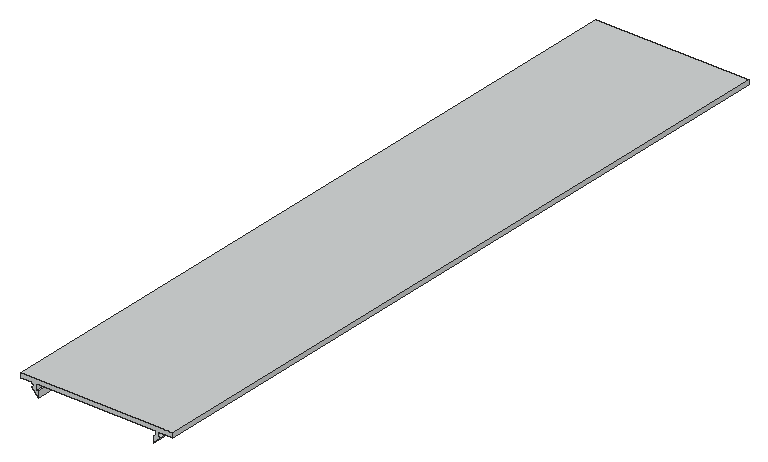
Revit family "Specialty_Equipment-Metal_Raceway-Hubbell_Wiring-Blank_Cover-HBLALU57BL", category Specialty Equipment, host Face, Revit 2015
Parameters (values of type "HBLALU57BL")
  URL = "http://www.hubbell-wiring.com/"
  Product data url = "https://bimobject.com/hubbellwiring/product/hubbell-metal-raceway-alu5000"
  Product Page URL = "http://ecatalog.hubbell-wiring.com/ProductInformation/ViewCatalog.aspx?Dest=hubbell-wiring.com/press/catalog/r.pdf"
  Product Documentation Link = "http://www.hubbell-wiring.com/press/pdfs/h5233r08.pdf"
  Model = "HBLALU57BL"  # constant formula
  Manufacturer = "Hubbell Wiring Device Kellems"  # constant formula
  Host Note = "Add in Section View; Host to Wall"  # constant formula
  Description = "Blank Cover Plate"  # constant formula
  Default Elevation = 48.00"
  Cable Tray Material = Metal-Hubbell-Aluminum
  B = 12.00"
  Assembly Code = "D5090900"
  A = 2.54"
Reference planes (in)
  plane 1 "Center (Front/Back)": y = 0
  plane 2: z = 0
  plane 3 "Center (Left/Right)": x = 0
  plane 4: z = 1.585
  plane 5: y = 6
  plane 6: y = -6
  plane 7: x = -1.27
  plane 8: x = 1.27
  plane 9: y = 1.625
  plane 10: y = -1.625
  plane 11: z = 1.65981
Forms (in)
  Extrusion 1, solid, material "Metal-Hubbell-Aluminum" <- "Cable Tray Material"
    sketch origin (0, 0, -5.35247) x (1, 0, 0) y (0, 0, 1)
      loop
        line (-1.27, 7.01228) -> (-1.27, 6.93747) -> (-1.08047, 6.93747)
        arc (-1.08047, 6.93747) -> (-1.04559, 6.90396) -> (-1.07767, 6.86776) r 0.03491
        line (-1.07767, 6.86776) -> (-0.9637, 6.75379) -> (-0.9637, 6.85767) -> (-0.99569, 6.85767) -> (-0.99569, 6.93747) -> (0.98819, 6.93747) -> (0.98819, 6.85767) -> (0.9562, 6.85767) -> (0.9562, 6.75379) -> (1.07017, 6.86776)
        arc (1.07017, 6.86776) -> (1.03809, 6.90396) -> (1.07298, 6.93747) r 0.03491
        line (1.07298, 6.93747) -> (1.27, 6.93747) -> (1.27, 7.01228) -> (-1.27, 7.01228)
    from -6 to 6
Lines and regions (in)
  reference lines
    curve 1: line (-1.27, 0, 1.65981) -> (-1.27, 0, 1.585)
    curve 2: line (1.27, 0, 1.65981) -> (-1.27, 0, 1.65981)
    curve 3: line (1.27, 0, 1.585) -> (1.27, 0, 1.65981)
    curve 4: line (1.07298, 0, 1.585) -> (1.27, 0, 1.585)
    curve 5: arc (1.07017, 0, 1.51529) -> (1.03809, 0, 1.55149) -> (1.07298, 0, 1.585) r 0.03491
    curve 6: line (0.9562, 0, 1.40132) -> (1.07017, 0, 1.51529)
    curve 7: line (0.9562, 0, 1.5052) -> (0.9562, 0, 1.40132)
    curve 8: line (0.98819, 0, 1.5052) -> (0.9562, 0, 1.5052)
    curve 9: line (0.98819, 0, 1.585) -> (0.98819, 0, 1.5052)
    curve 10: line (-0.99569, 0, 1.585) -> (0.98819, 0, 1.585)
    curve 11: line (-0.99569, 0, 1.5052) -> (-0.99569, 0, 1.585)
    curve 12: line (-0.9637, 0, 1.5052) -> (-0.99569, 0, 1.5052)
    curve 13: line (-0.9637, 0, 1.40132) -> (-0.9637, 0, 1.5052)
    curve 14: line (-1.07767, 0, 1.51529) -> (-0.9637, 0, 1.40132)
    curve 15: arc (-1.08047, 0, 1.585) -> (-1.04559, 0, 1.55149) -> (-1.07767, 0, 1.51529) r 0.03491
    curve 16: line (-1.27, 0, 1.585) -> (-1.08047, 0, 1.585)
  symbolic lines
    curve 17: line (-1.27, -6, 0) -> (1.27, -6, 0)
    curve 18: line (-1.27, 6, 0) -> (-1.27, -6, 0)
    curve 19: line (1.27, 6, 0) -> (-1.27, 6, 0)
    curve 20: line (1.27, -6, 0) -> (1.27, 6, 0)
    curve 21: line (1.27, 0, 1.585) -> (-1.27, 0, 1.585)
    curve 22: line (1.27, 0, 1.65981) -> (1.27, 0, 1.585)
    curve 23: line (-1.27, 0, 1.65981) -> (1.27, 0, 1.65981)
    curve 24: line (-1.27, 0, 1.585) -> (-1.27, 0, 1.65981)
    curve 25: line (0, 6, 1.585) -> (0, -6, 1.585)
    curve 26: line (0, 6, 1.65981) -> (0, 6, 1.585)
    curve 27: line (0, -6, 1.65981) -> (0, 6, 1.65981)
    curve 28: line (0, -6, 1.585) -> (0, -6, 1.65981)
Dimensions and locks (in)
  equal spacing: plane 5, plane 1 "Center (Front/Back)", plane 6
  "B": plane 5 to plane 6
  "A": plane 7 to plane 8
  equal spacing: plane 9, plane 1 "Center (Front/Back)", plane 10, locked at 1.625 each
  plane 4 to host face = 1.585"
  equal spacing: plane 7, plane 3 "Center (Left/Right)", plane 8
  aligned and locked: plane 2 to host face
  aligned and locked: level to host face
  aligned and locked: Extrusion 1 to plane 6
  aligned and locked: plane 5 to Extrusion 1
  aligned and locked: Extrusion 1 to plane 8
  aligned and locked: Extrusion 1 to plane 7
  aligned and locked: curve 17 to plane 6
  aligned and locked: curve 18 to plane 7
  aligned and locked: plane 5 to curve 19
  aligned and locked: curve 20 to plane 8
  aligned and locked: curve 21 to curve 4
  aligned and locked: curve 22 to curve 3
  aligned and locked: curve 23 to curve 2
  aligned and locked: curve 24 to curve 1
  aligned and locked: curve 25 to Extrusion 1
  aligned and locked: curve 26 to Extrusion 1
  aligned and locked: curve 27 to Extrusion 1
  aligned and locked: curve 28 to Extrusion 1
  aligned and locked: plane 11 to Extrusion 1
Automatic sketch dimensions
  host sketch curve to host sketch curve = 96.00"  (x2)
  curve 1 to plane 4 = 0.00"
  curve 1 to plane 7 = 0.00"
  plane 8 to curve 2 = 0.00"
  plane 4 to curve 2 = 0.07481"
  curve 3 to plane 4 = 0.00"
  plane 8 to curve 4 = 0.19703"
  curve 5 to curve 5 = 0.00281"
  curve 5 to plane 4 = 0.03491"
  curve 6 to curve 6 = 0.11397"  (x2)
  curve 7 to plane 4 = 0.0798"
  curve 7 to curve 8 = 0.03199"
  curve 9 to plane 4 = 0.00"
  plane 7 to curve 10 = 0.27431"
  curve 11 to plane 4 = 0.0798"
  curve 11 to curve 12 = 0.03199"
  curve 13 to curve 13 = 0.10388"
  curve 14 to plane 4 = 0.06971"
  curve 14 to curve 11 = 0.08198"
  curve 15 to plane 4 = 0.03491"
  Extrusion 1 sketch curve to plane 4 = 0.00"  (x3)
  Extrusion 1 sketch curve to plane 7 = 0.00"
  Extrusion 1 sketch curve to plane 8 = 0.00"
  plane 7 to Extrusion 1 sketch curve = 0.18952"
  Extrusion 1 sketch curve to Extrusion 1 sketch curve = 0.00281"  (x2)
  Extrusion 1 sketch curve to Extrusion 1 sketch curve = 0.08479"
  Extrusion 1 sketch curve to Extrusion 1 sketch curve = 0.03199"  (x2)
  plane 8 to Extrusion 1 sketch curve = 0.3138"
  Extrusion 1 sketch curve to plane 4 = 0.06971"  (x2)
  Extrusion 1 sketch curve to Extrusion 1 sketch curve = 0.08198"
  Extrusion 1 sketch curve to plane 4 = 0.0798"  (x2)
  Extrusion 1 sketch curve to Extrusion 1 sketch curve = 0.10388"  (x2)
  Extrusion 1 sketch curve to Extrusion 1 sketch curve = 0.07481"
